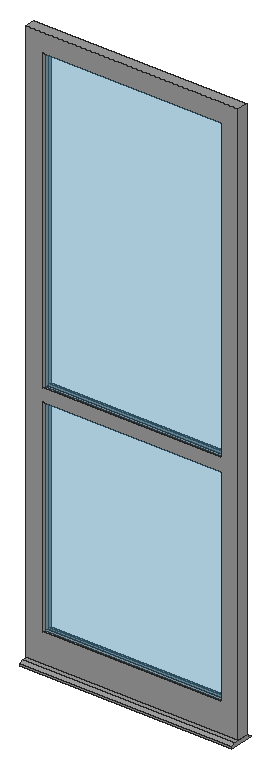
Revit family "NS-212 DOOR-1-PD-SF_v05", category Curtain Panels, Revit 2015
Parameters
  Width [instance] = 3' - 2"
  URL = "obe.com"
  Rough Width [instance] = 3' - 0"
  Panel Width [instance] = [Min-Max Rough Width]  # 3' - 0"
  Offset [instance] = 0' - 0"
  Model = "NS-212 DOOR"
  Min-Max Rough Width [instance] = if(and((Rough Width > 2' 11 255/256"), (Rough Width < 3' 6 1/256")), Rough Width, 3' 0")  # 3' - 0"
  Manufacturer = "Oldcastle BuildingEnvelope®"
  Keynote = "08 11 00"
  Height [instance] = 8' - 0"
  Pushbar Height [instance] = 3' - 5 1/4"  # constant formula
  Glass Material = Glass
  Frame Material = Aluminum
  Door Panel Height [instance] = Height + 0' 0 17/32"  # 8' - 0 17/32"
  Description = "NS-212 - 1\" Door Infill"
  Assembly Code = "B2030"
  Analytic Construction = "<None>"
  8 Muntin [instance] = no
  6.5 Muntin [instance] = no
  6.5 Bottom Rail [instance] = not([4 Bottom Rail])  # no
  4 Muntin [instance] = no
  4 Bottom Rail [instance] = yes
  1.875 Muntin [instance] = no
  0.5 Muntin [instance] = if(or([1.875 Muntin], [4 Muntin], [6.5 Muntin], [8 Muntin]), 1 = 2, 1 = 1)  # yes
Reference planes (in)
  plane 1 "Front": y = 0
  plane 2: z = 0
  plane 3 "Center (Left/Right)": x = 0
  plane 4 "Left": x = -19
  plane 5 "Right": x = 19
  plane 6 "Top": z = 96
  plane 7: x = -18
  plane 8: x = 18
Text (in)
  text "Exterior" at (-54.29358, 31.38743, 0), in view "Ref. Level"
  text "Exterior" at (480, 41.53993, 89.60405), in view "Right"
  text "Exterior" at (-240, 57.82419, 105.78864), in view "Left"
Dimensions and locks (in)
  equal spacing: plane 4 "Left", plane 3 "Center (Left/Right)", plane 5 "Right"
  "Width": plane 4 "Left" to plane 5 "Right"
  "Height": plane 6 "Top" to plane 2
  equal spacing: plane 7, plane 3 "Center (Left/Right)", plane 8
  "Min-Max Rough Width": plane 7 to plane 8
  aligned and locked: level to plane 2
  aligned and locked: plane 3 "Center (Left/Right)" to nested 1
  aligned and locked: plane 1 "Front" to nested 1
Nested families (in)
  nested 1: "NS-212 DOOR-1-PD-Panel_v04" at (0, -14, 0), 1.875 Muntin <- "1.875 Muntin", 4 Muntin <- "4 Muntin", 6.5 Muntin <- "6.5 Muntin", 8 Muntin <- "8 Muntin", 4 Bottom Rail <- "4 Bottom Rail", Frame Material <- "Frame Material", Glass Material <- "Glass Material", Height <- "Door Panel Height", Width <- "Min-Max Rough Width", Offset <- "Offset", type "NS-212 DOOR-1-PD-Panel_v04"
    with built-in parameter 1001301 3' - 0", Pushbar Height 3' - 5 1/4", Offset 0' - 0", built-in parameter 1001300 8' - 0 17/32", Glass at Muntin 0' - 1 7/16", Glass Material Glass, Frame Material Aluminum, Bottom Rail 0' - 5 5/32", 8 Muntin no, 6.5 Muntin no, 6.5 Bottom Rail no, 4 Muntin no, 4 Bottom Rail yes, 1.875 Muntin no, 0.5 Muntin yes
Definition of nested family "NS-212 DOOR-1-PD-Panel_v04"
  Parameters (values of type "NS-212 DOOR-1-PD-Panel_v04")
    Width [instance] = 3' - 6"
    Offset [instance] = 0' - 6"
    Height [instance] = 8' - 0"
    Glass at Muntin [instance] = if([8 Muntin], 0' 8 15/16", if([6.5 Muntin], 0' 7 7/16", if([4 Muntin], 0' 4 15/16", if([1.875 Muntin], 0' 2 13/16", 0' 1 7/16"))))  # 0' - 1 7/16"
    Pushbar Height [instance] = 3' - 5 1/4"  # constant formula
    Glass Material [instance] = none
    Frame Material [instance] = none
    Bottom Rail [instance] = if([4 Bottom Rail], 0' 5 5/32", 0' 7 21/32")  # 0' - 7 21/32"
    Analytic Construction = "<None>"
    8 Muntin [instance] = no
    6.5 Muntin [instance] = no
    4 Muntin [instance] = no
    4 Bottom Rail [instance] = no
    6.5 Bottom Rail [instance] = not([4 Bottom Rail])  # yes
    1.875 Muntin [instance] = no
    0.5 Muntin [instance] = if(or([1.875 Muntin], [4 Muntin], [6.5 Muntin], [8 Muntin]), 1 = 2, 1 = 1)  # yes
  Reference planes (in)
    plane 1 "00": y = 7
    plane 2: z = 0
    plane 3 "Center (Left/Right)": x = 0
    plane 4: z = 96
    plane 5: x = 21
    plane 6: x = -21
    plane 7 "Center (Front/Back)": y = 14
    plane 8: z = 48
    plane 9: z = 92.96875
    plane 10: z = 92.625
    plane 11: z = 7.65625
    plane 12: z = 40.53125
    plane 13: z = 41.96875
    plane 14: x = -18.34375
    plane 15: x = 18.34375
    plane 16: z = 41.25
    plane 17 "Offset": y = 8
    plane 18 "01": y = 7.875
  Forms (in)
    Sweep 1, solid, material <- "Frame Material"
      path origin (0, 7, 0) x (1, 0, 0) y (0, 0, 1)
        loop
          line (-20.8285, 96) -> (20.8285, 96)
      profile origin (0, 7, 96) x (0, 0, 1) y (0, -1, 0)
        loop
          line (-0.53125, -0.875) -> (-0.53125, 0.875) -> (-2.12093, 0.875) -> (-3.65625, 0.875) -> (-3.65625, 0.5) -> (-3.375, 0.5) -> (-3.375, -0.5) -> (-3.65625, -0.5) -> (-3.65625, -0.875) -> (-2.12093, -0.875) -> (-0.53125, -0.875)
    Sweep 2, solid, material <- "Frame Material"
      path origin (0, 7, 0) x (1, 0, 0) y (0, 0, 1)
        loop
          line (20.82813, 0) -> (-20.82812, 0)
      profile origin (0, 7, 0) x (0, 0, -1) y (0, -1, 0)
        loop
          line (-7.9375, -0.5) -> (-7.9375, -0.875) -> (-0.6875, -0.875) -> (-0.6875, 0.875) -> (-7.9375, 0.875) -> (-7.9375, 0.5) -> (-7.65625, 0.5) -> (-7.65625, -0.5) -> (-7.9375, -0.5)
        loop
          line (-0.5, 1.5305) -> (-0.5, -1.1555) -> (-0.19364, -1.8125) -> (-0.00001, -1.8125) -> (-0.00001, 2.1875) -> (-0.19364, 2.1875) -> (-0.5, 1.5305)
    Sweep 3, solid, material <- "Frame Material"
      path origin (0, 7, 0) x (1, 0, 0) y (0, 0, 1)
        loop
          line (21, 95.46875) -> (21, 0.6875)
      profile origin (21, 7, 48.07812) x (0, -1, 0) y (1, 0, 0)
        loop
          line (0.875, -0.1715) -> (-0.875, -0.0625) -> (-0.875, -2.03839) -> (-0.875, -2.9375) -> (-0.5, -2.9375) -> (-0.5, -2.65625) -> (0.5, -2.65625) -> (0.5, -2.9375) -> (0.875, -2.9375) -> (0.875, -2.03839) -> (0.875, -0.1715)
    Sweep 4, solid, material <- "Frame Material"
      path origin (0, 7, 0) x (1, 0, 0) y (0, 0, 1)
        loop
          line (-21, 95.46875) -> (-21, 0.6875)
      profile origin (-21, 7, 48.07812) x (0, -1, 0) y (1, 0, 0)
        loop
          line (-0.875, 0.0625) -> (0.875, 0.1715) -> (0.875, 1.95385) -> (0.875, 2.9375) -> (0.5, 2.9375) -> (0.5, 2.65625) -> (-0.5, 2.65625) -> (-0.5, 2.9375) -> (-0.875, 2.9375) -> (-0.875, 1.95385) -> (-0.875, 0.0625)
    Sweep 5, solid, material <- "Frame Material"
      path origin (0, 7, 0) x (1, 0, 0) y (0, 0, 1)
        loop
          line (20.8285, 48) -> (-20.8285, 48)
      profile origin (0, 7, 48) x (0, 0, -1) y (0, -1, 0)
        loop
          line (7.75, 0.875) -> (5.75, 0.875) -> (5.75, 0.5) -> (6.03125, 0.5) -> (6.03125, -0.5) -> (5.75, -0.5) -> (5.75, -0.875) -> (7.75, -0.875) -> (7.75, -0.5) -> (7.46875, -0.5) -> (7.46875, 0.5) -> (7.75, 0.5) -> (7.75, 0.875)
    Extrusion 6, solid, material <- "Glass Material", detail levels coarse
      sketch origin (0, 0, 0) x (1, 0, 0) y (0, 1, 0)
        loop
          line (-18.34375, 7.5) -> (-18.34375, 6.5) -> (18.34375, 6.5) -> (18.34375, 7.5) -> (-18.34375, 7.5)
      from 41.96875 to 92.625
    Extrusion 7, solid, material <- "Glass Material", detail levels coarse
      sketch origin (0, 0, 0) x (1, 0, 0) y (0, 1, 0)
        loop
          line (-18.34375, 7.5) -> (-18.34375, 6.5) -> (18.34375, 6.5) -> (18.34375, 7.5) -> (-18.34375, 7.5)
      from 7.65625 to 40.53125
    Extrusion 8, solid, material <- "Glass Material", detail levels medium+fine
      sketch origin (0, 2.8125, 0) x (1, 0, 0) y (0, 1, 0)
        loop
          line (-18.34375, 3.6875) -> (18.34375, 3.6875) -> (18.34375, 3.9375) -> (-18.34375, 3.9375) -> (-18.34375, 3.6875)
        loop
          line (-18.34375, 4.6875) -> (-18.34375, 4.4375) -> (18.34375, 4.4375) -> (18.34375, 4.6875) -> (-18.34375, 4.6875)
      from 41.96875 to 92.625
    Extrusion 9, solid, material <- "Glass Material", detail levels medium+fine
      sketch origin (0, 0, 0) x (1, 0, 0) y (0, 1, 0)
        loop
          line (-18.34375, 6.5) -> (18.34375, 6.5) -> (18.34375, 6.75) -> (-18.34375, 6.75) -> (-18.34375, 6.5)
        loop
          line (-18.34375, 7.25) -> (18.34375, 7.25) -> (18.34375, 7.5) -> (-18.34375, 7.5) -> (-18.34375, 7.25)
      from 7.65625 to 40.53125
  Cuts and joins
    joined: Sweep 1, Sweep 2, Sweep 3, Sweep 4, Sweep 5
  Lines and regions (in)
    model lines
      curve 1: line (18.34375, 7.875, 92.625) -> (-18.34375, 7.875, 48)
      curve 2: line (-18.34375, 7.875, 48) -> (18.0625, 7.875, 7.9375)
  Dimensions and locks (in)
    "Width": plane 6 to plane 5
    equal spacing: level, plane 8, plane 4
    locked: Sweep 2 sketch curve to plane 6 at 0.17187
    locked: plane 5 to Sweep 2 sketch curve at 0.17188
    locked: Sweep 3 sketch curve to plane 4 at 0.53125
    locked: Sweep 4 sketch curve to plane 4 at 0.53125
    locked: Sweep 1 sketch curve to plane 6 at 0.1715
    locked: plane 5 to Sweep 1 sketch curve at 0.1715
    locked: plane 5 to Sweep 5 sketch curve at 0.1715
    locked: Sweep 5 sketch curve to plane 6 at 0.1715
    locked: plane 4 to plane 9 at 3.03125
    Extrusion 6 sketch curve to plane 1 "00" to Extrusion 6 sketch curve = 0' - 0 1/2" locked, 0' - 0 1/2" locked
    Extrusion 7 sketch curve to plane 1 "00" to Extrusion 7 sketch curve = 0' - 0 1/2" locked, 0' - 0 1/2" locked
    "Glass at Muntin": plane 12 to plane 13
    locked: plane 10 to plane 4 at 3.375
    "Bottom Rail": plane 11 to plane 2
    "Height": plane 4 to plane 2
    locked: Sweep 1 sketch curve to plane 10 at 0.28125  (x2)
    locked: plane 13 to Sweep 5 sketch curve at 0.28125  (x2)
    locked: Sweep 5 sketch curve to plane 12 at 0.28125  (x2)
    locked: plane 11 to Sweep 2 sketch curve at 0.28125  (x2)
    equal spacing: plane 6, plane 3 "Center (Left/Right)", plane 5
    locked: plane 6 to plane 14 at 2.65625
    locked: plane 15 to plane 5 at 2.65625
    Extrusion 8 sketch curve to Extrusion 8 sketch curve to plane 1 "00" to Extrusion 8 sketch curve to Extrusion 8 sketch curve = 0' - 0 1/4" locked, 0' - 0 1/4" locked, 0' - 0 1/4" locked, 0' - 0 1/4" locked
    equal spacing: plane 12, plane 16, plane 13
    "Pushbar Height": plane 2 to plane 16
    locked: Sweep 4 sketch curve to plane 2 at 0.6875
    locked: Sweep 3 sketch curve to plane 2 at 0.6875
    locked: cut or joined group of Sweep 1, Sweep 2, Sweep 3, Sweep 4, Sweep 5 to plane 1 "00" at 2.1875
    cut or joined group of Sweep 1, Sweep 2, Sweep 3, Sweep 4, Sweep 5 to plane 1 "00" to cut or joined group of Sweep 1, Sweep 2, Sweep 3, Sweep 4, Sweep 5 = 0' - 0 7/8" locked, 0' - 0 7/8" locked
    locked: plane 1 "00" to nested 2 at 0.0625
    plane 7 "Center (Front/Back)" to nested 1 = 0' - 7"
    "Offset": plane 17 "Offset" to plane 7 "Center (Front/Back)"
    locked: plane 1 "00" to plane 17 "Offset" at 1
    Extrusion 7 to plane 1 "00" to Extrusion 7 = 0' - 0 1/2" locked, 0' - 0 1/2" locked
    Extrusion 6 to plane 1 "00" to Extrusion 6 = 0' - 0 1/2" locked, 0' - 0 1/2" locked
    Extrusion 9 to Extrusion 9 = 0' - 0 1/4"
    Extrusion 9 sketch curve to Extrusion 9 sketch curve to plane 1 "00" to Extrusion 9 sketch curve to Extrusion 9 sketch curve = 0' - 0 1/4" locked, 0' - 0 1/4" locked, 0' - 0 1/4" locked, 0' - 0 1/4" locked
    locked: plane 1 "00" to plane 18 "01" at 0.875
    aligned and locked: plane 2 to level
    aligned and locked: Sweep 1 sketch curve to plane 4
    aligned and locked: level to nested 1
    aligned and locked: nested 1 to plane 1 "00"
    aligned and locked: plane 5 to Sweep 3 sketch curve
    aligned and locked: plane 6 to Sweep 4 sketch curve
    aligned and locked: Sweep 5 sketch curve to plane 8
    aligned and locked: Extrusion 6 to plane 10
    aligned and locked: plane 13 to Extrusion 6
    aligned and locked: Extrusion 7 to plane 12
    aligned and locked: plane 11 to Extrusion 7
    aligned and locked: plane 11 to Sweep 2 sketch curve
    aligned and locked: Sweep 5 sketch curve to plane 12
    aligned and locked: plane 13 to Sweep 5 sketch curve
    aligned and locked: plane 8 to curve 1
    aligned and locked: plane 15 to Extrusion 7
    aligned and locked: Extrusion 6 to plane 14
    aligned and locked: plane 15 to Extrusion 6
    aligned and locked: nested 2 to plane 3 "Center (Left/Right)"
    aligned and locked: Extrusion 7 to plane 14
    aligned and locked: Extrusion 8 to plane 14  (x2)
    aligned and locked: plane 15 to Extrusion 8  (x2)
    aligned and locked: plane 13 to Extrusion 8
    aligned and locked: Extrusion 8 to plane 10
    aligned and locked: Sweep 2 sketch curve to plane 2
    aligned and locked: Extrusion 8 to cut or joined group of Sweep 1, Sweep 2, Sweep 3, Sweep 4, Sweep 5
    aligned and locked: Extrusion 6 to curve 1
    aligned and locked: curve 1 to Extrusion 6
    aligned and locked: plane 14 to Extrusion 9 sketch curve  (x2)
    aligned and locked: Extrusion 9 sketch curve to plane 15  (x2)
    aligned and locked: Extrusion 9 to plane 12
    aligned and locked: plane 11 to Extrusion 9
  Automatic sketch dimensions
    Sweep 1 sketch curve to Sweep 1 sketch curve = 0' - 0 9/32"
    Sweep 1 sketch curve to Sweep 1 sketch curve = 0' - 1.25407"  (x2)
    profile plane to Sweep 1 sketch curve = 0' - 0 17/32"
    Sweep 1 sketch curve to plane 1 "00" = 0' - 0 7/8"
    Sweep 1 sketch curve to Sweep 1 sketch curve = 0' - 0 3/8"  (x2)
    plane 1 "00" to Sweep 1 sketch curve = 0' - 0 1/2"
    profile plane to Sweep 2 sketch curve = 0' - 0 11/16"
    profile plane to Sweep 2 sketch curve = 0' - 0 1/2"
    profile plane to Sweep 2 sketch curve = 0' - 0.19364"  (x2)
    profile plane to Sweep 2 sketch curve = 0' - 0"
    Sweep 2 sketch curve to plane 1 "00" = 0' - 1 13/16"
    Sweep 2 sketch curve to Sweep 2 sketch curve = 0' - 0.657"  (x2)
    Sweep 2 sketch curve to Sweep 2 sketch curve = 0' - 0.2805"
    Sweep 2 sketch curve to Sweep 2 sketch curve = 0' - 0 3/8"  (x2)
    plane 1 "00" to Sweep 2 sketch curve = 0' - 0 1/2"
    Sweep 2 sketch curve to Sweep 2 sketch curve = 0' - 0.6555"
    Sweep 3 sketch curve to plane 1 "00" = 0' - 0 7/8"
    Sweep 3 sketch curve to Sweep 3 sketch curve = 0' - 0 3/8"  (x2)
    plane 1 "00" to Sweep 3 sketch curve = 0' - 0 1/2"
    profile plane to Sweep 3 sketch curve = 0' - 2 15/16"
    Sweep 3 sketch curve to Sweep 3 sketch curve = 0' - 0"
    Sweep 3 sketch curve to Sweep 3 sketch curve = 0' - 0 9/32"
    Sweep 3 sketch curve to Sweep 3 sketch curve = 0' - 0.61786"  (x2)
    profile plane to Sweep 3 sketch curve = 0' - 0.1715"
    profile plane to Sweep 3 sketch curve = 0' - 0 1/16"
    Sweep 4 sketch curve to plane 1 "00" = 0' - 0 7/8"
    Sweep 4 sketch curve to Sweep 4 sketch curve = 0' - 0 3/8"  (x2)
    plane 1 "00" to Sweep 4 sketch curve = 0' - 0 1/2"
    Sweep 4 sketch curve to profile plane = 0' - 0 1/16"
    Sweep 4 sketch curve to profile plane = 0' - 0.1715"
    Sweep 4 sketch curve to Sweep 4 sketch curve = 0' - 1.89135"
    Sweep 4 sketch curve to Sweep 4 sketch curve = 0' - 0"
    Sweep 4 sketch curve to Sweep 4 sketch curve = 0' - 0.7024"
    Sweep 4 sketch curve to Sweep 4 sketch curve = 0' - 0 9/32"  (x2)
    Sweep 5 sketch curve to plane 1 "00" = 0' - 0 7/8"
    Sweep 5 sketch curve to Sweep 5 sketch curve = 0' - 0 3/8"  (x3)
    plane 1 "00" to Sweep 5 sketch curve = 0' - 0 1/2"  (x2)
    Extrusion 6 sketch curve to plane 14 = 0' - 0"
    Extrusion 6 sketch curve to plane 15 = 0' - 0"
    Extrusion 7 sketch curve to plane 14 = 0' - 0"
    Extrusion 7 sketch curve to plane 15 = 0' - 0"
    Extrusion 8 sketch curve to plane 14 = 0' - 0"  (x2)
    Extrusion 8 sketch curve to plane 15 = 0' - 0"  (x2)
    curve 1 to plane 14 = 0' - 0"
    curve 1 to plane 10 = 0' - 0"
    curve 1 to plane 15 = 0' - 0"
    curve 2 to plane 15 = 0' - 0 9/32"
    curve 2 to plane 11 = 0' - 0 9/32"
  Nested families (in)
    nested 1: "NS-212 PIVOT DOOR-1-Section_v02" at (0, 7, 0) x (0, -1, 0) z (1, 0, 0), Height <- "Height", 0.5 Muntin <- "0.5 Muntin", 1.875 Muntin <- "1.875 Muntin", 4 Muntin <- "4 Muntin", 6.5 Muntin <- "6.5 Muntin", 8 Muntin <- "8 Muntin", 4 Bottom Rail <- "4 Bottom Rail", type "NS-212 PIVOT DOOR-1-Section_v02"
      with Pushbar Height 3' - 5 1/4", Height 8' - 0", Glass at Muntins 0' - 1 7/16", Bottom Rail 0' - 7 21/32", 8 Muntin no, 6.5 Muntin no, 6.5 Bottom Rail yes, 4 Muntin no, 4 Bottom Rail no, 1.875 Muntin no, 0.5 Muntin yes
    nested 2: "NS-212 PIVOT DOOR-1-Plan View_v02" at (0, 7.0625, 0) x (-1, 0, 0) z (0, 0, 1), Width <- "Width", type "NS-212 PIVOT DOOR-1-Plan View_v02"
      with Width 3' - 6"
  Definition of nested family "NS-212 PIVOT DOOR-1-Section_v02"
    Parameters (values of type "NS-212 PIVOT DOOR-1-Section_v02")
      Height [instance] = 8' - 0"
      Pushbar Height [instance] = 3' - 5 1/4"  # constant formula
      Glass at Muntins [instance] = if([8 Muntin], 0' 8 15/16", if([6.5 Muntin], 0' 7 7/16", if([4 Muntin], 0' 4 15/16", if([1.875 Muntin], 0' 2 13/16", 0' 1 7/16"))))  # 0' - 1 7/16"
      Bottom Rail [instance] = if([6.5 Bottom Rail], 0' 7 21/32", 0' 5 5/32")  # 0' - 7 21/32"
      8 Muntin [instance] = no
      6.5 Muntin [instance] = no
      6.5 Bottom Rail [instance] = not([4 Bottom Rail])  # yes
      4 Muntin [instance] = no
      4 Bottom Rail [instance] = no
      1.875 Muntin [instance] = no
      0.5 Muntin [instance] = if(or([1.875 Muntin], [4 Muntin], [6.5 Muntin], [8 Muntin]), 1 = 2, 1 = 1)  # yes
    Reference planes (in)
      plane 1 "Center (Front/Back)": y = 0
      plane 2: z = 0
      plane 3 "Center (Left/Right)": x = 0
      plane 4: y = 7.65625
      plane 5: y = 92.625
      plane 6: y = 96
      plane 7: y = 41.96875
      plane 8: y = 40.53125
      plane 9: y = 42.25
      plane 10: y = 41.25
      plane 11: y = 46
      plane 12: y = 45.25
      plane 13: y = 44
      plane 14: y = 42.9325
    Lines and regions (in)
      detail lines, in view "Ref. Level"
        curve 1: line (-0.5, 92.625, 0) -> (-0.5, 41.96875, 0)
        curve 5: line (0.5, 92.625, 0) -> (0.5, 41.96875, 0)
        curve 6: line (0.5, 40.53125, 0) -> (0.5, 7.65625, 0)
        curve 10: line (-0.5, 40.53125, 0) -> (-0.5, 7.65625, 0)
      detail lines, in view "Ref. Level", detail levels fine
        curve 2: line (-0.438, 92.625, 0) -> (-0.438, 41.96875, 0)
        curve 3: line (-0.376, 92.625, 0) -> (-0.376, 41.96875, 0)
        curve 4: line (-0.314, 92.625, 0) -> (-0.314, 41.96875, 0)
        curve 7: line (-0.314, 40.53125, 0) -> (-0.314, 7.65625, 0)
        curve 8: line (-0.376, 40.53125, 0) -> (-0.376, 7.65625, 0)
        curve 9: line (-0.438, 40.53125, 0) -> (-0.438, 7.65625, 0)
        curve 11: line (0.438, 40.53125, 0) -> (0.438, 7.65625, 0)
        curve 12: line (0.376, 40.53125, 0) -> (0.376, 7.65625, 0)
        curve 13: line (0.314, 40.53125, 0) -> (0.314, 7.65625, 0)
        curve 14: line (0.314, 92.625, 0) -> (0.314, 41.96875, 0)
        curve 15: line (0.376, 92.625, 0) -> (0.376, 41.96875, 0)
        curve 16: line (0.438, 92.625, 0) -> (0.438, 41.96875, 0)
      detail lines, in view "Ref. Level", detail levels medium+fine
        curve 17: line (-0.252, 41.96875, 0) -> (-0.252, 92.625, 0)
        curve 18: line (0.252, 41.96875, 0) -> (0.252, 92.625, 0)
        curve 19: line (-0.252, 40.53125, 0) -> (-0.252, 7.65625, 0)
        curve 20: line (0.252, 40.53125, 0) -> (0.252, 7.65625, 0)
    Dimensions and locks (in)
      "Height": plane 6 to plane 1 "Center (Front/Back)"
      "Glass at Muntins": plane 8 to plane 7
      "Bottom Rail": plane 1 "Center (Front/Back)" to plane 4
      nested 1 to plane 6 to plane 5 = 0' - 2 31/32" locked, 0' - 3 3/8" locked
      equal spacing: plane 8, plane 10, plane 7
      "Pushbar Height": plane 1 "Center (Front/Back)" to plane 10
      plane 10 to plane 9 to plane 14 to plane 13 to plane 12 to plane 11 = 0' - 1" locked, 0' - 0.6825" locked, 0' - 1.0675" locked, 0' - 1 1/4" locked, 0' - 0 3/4" locked
      aligned and locked: plane 3 "Center (Left/Right)" to nested 1
      aligned and locked: plane 3 "Center (Left/Right)" to nested 2
      aligned and locked: plane 7 to curve 1
      aligned and locked: plane 7 to curve 2
      aligned and locked: plane 7 to curve 3
      aligned and locked: plane 7 to curve 4
      aligned and locked: plane 7 to curve 5
      aligned and locked: plane 8 to curve 6
      aligned and locked: plane 8 to curve 7
      aligned and locked: plane 8 to curve 8
      aligned and locked: plane 8 to curve 9
      aligned and locked: plane 8 to curve 10
      aligned and locked: plane 3 "Center (Left/Right)" to nested 3
      aligned and locked: plane 3 "Center (Left/Right)" to nested 4
      aligned and locked: plane 3 "Center (Left/Right)" to nested 5
      aligned and locked: plane 3 "Center (Left/Right)" to nested 6
      aligned and locked: plane 3 "Center (Left/Right)" to nested 8
      aligned and locked: plane 5 to curve 16
      aligned and locked: plane 7 to curve 17
      aligned and locked: plane 7 to curve 18
      aligned and locked: plane 7 to curve 14
      aligned and locked: plane 7 to curve 15
      aligned and locked: plane 7 to curve 16
      aligned and locked: plane 8 to curve 13
      aligned and locked: plane 8 to curve 12
      aligned and locked: plane 8 to curve 11
      aligned and locked: plane 8 to curve 20
      aligned and locked: plane 8 to curve 19
      aligned and locked: plane 3 "Center (Left/Right)" to nested 7
      aligned and locked: plane 4 to curve 10
      aligned and locked: plane 4 to curve 9
      aligned and locked: plane 4 to curve 8
      aligned and locked: plane 4 to curve 7
      aligned and locked: plane 4 to curve 20
      aligned and locked: plane 4 to curve 13
      aligned and locked: plane 4 to curve 12
      aligned and locked: plane 4 to curve 11
      aligned and locked: plane 4 to curve 6
      aligned and locked: plane 5 to curve 5
      aligned and locked: plane 5 to curve 14
      aligned and locked: plane 5 to curve 15
      aligned and locked: plane 5 to curve 18
      aligned and locked: plane 5 to curve 17
      aligned and locked: plane 5 to curve 4
      aligned and locked: plane 5 to curve 3
      aligned and locked: plane 5 to curve 1
      aligned and locked: plane 5 to curve 2
      aligned and locked: plane 1 "Center (Front/Back)" to nested 7
      aligned and locked: plane 1 "Center (Front/Back)" to nested 8
      aligned and locked: plane 9 to nested 2
      aligned and locked: plane 11 to nested 6
      aligned and locked: plane 12 to nested 5
      aligned and locked: plane 13 to nested 4
      aligned and locked: plane 14 to nested 3
    Automatic sketch dimensions
      curve 19 to plane 4 = 0' - 0"
      curve 16 to plane 5 = 0' - 0"
      curve 1 to plane 3 "Center (Left/Right)" = 0' - 0 1/2"
      curve 10 to plane 3 "Center (Left/Right)" = 0' - 0 1/2"
      curve 1 to curve 2 = 0' - 0.062"
      curve 10 to curve 9 = 0' - 0.062"
      curve 9 to curve 8 = 0' - 0.062"
      curve 2 to curve 3 = 0' - 0.062"
      curve 8 to curve 7 = 0' - 0.062"
      curve 3 to curve 4 = 0' - 0.062"
      curve 8 to curve 19 = 0' - 0.124"
      curve 4 to curve 17 = 0' - 0.062"
      plane 3 "Center (Left/Right)" to curve 18 = 0' - 0.252"
      plane 3 "Center (Left/Right)" to curve 20 = 0' - 0.252"
      curve 20 to curve 13 = 0' - 0.062"
      curve 18 to curve 14 = 0' - 0.062"
      curve 14 to curve 15 = 0' - 0.062"
      curve 13 to curve 12 = 0' - 0.062"
      curve 15 to curve 16 = 0' - 0.062"
      curve 12 to curve 11 = 0' - 0.062"
      curve 16 to curve 5 = 0' - 0.062"
      curve 11 to curve 6 = 0' - 0.062"
    Nested families (in)
      nested 1: "TOP RAIL-DI" at (0, 98.96875, 0), type "TOP RAIL-DI", in view "Ref. Level"
      nested 2: "0.5 MUNTIN-DI" at (0, 42.25, 0), visible <- "0.5 Muntin", type "0.5 MUNTIN-DI", in view "Ref. Level"
      nested 3: "1.875 MUNTIN-DI" at (0, 42.9325, 0), visible <- "1.875 Muntin", type "1.875 MUNTIN-DI", in view "Ref. Level"
      nested 4: "4 MUNTIN-DI" at (0, 44, 0), visible <- "4 Muntin", type "4 MUNTIN-DI", in view "Ref. Level"
      nested 5: "6.5 MUNTIN-DI" at (0, 45.25, 0), visible <- "6.5 Muntin", type "6.5 MUNTIN-DI", in view "Ref. Level"
      nested 6: "8 MUNTIN-DI" at (0, 46, 0), visible <- "8 Muntin", type "8 MUNTIN-DI", in view "Ref. Level"
      nested 7: "6.5 BOT RAIL-DI" at (0, 7.9375, 0), visible <- "6.5 Bottom Rail", type "10 BOT RAIL-DI", in view "Ref. Level"
      nested 8: "4 BOT RAIL-DI" at (0, 5.4375, 0), visible <- "4 Bottom Rail", type "8 BOT RAIL-DI", in view "Ref. Level"
    Definition of nested family "TOP RAIL-DI"
      Reference planes (in)
        plane 1 "Center (Front/Back)": y = 0
        plane 2: z = 0
        plane 3 "Center (Left/Right)": x = 0
      Lines and regions (in)
        detail lines, in view "Ref. Level"
          curve 1: line (0.875, -6.625, 0) -> (0.875, -3.625, 0)
          curve 2: line (0.875, -3.625, 0) -> (-0.875, -3.625, 0)
          curve 3: line (-0.875, -3.625, 0) -> (-0.875, -6.625, 0)
          curve 4: line (-0.875, -6.625, 0) -> (-0.5, -6.625, 0)
          curve 5: line (-0.5, -6.625, 0) -> (-0.5, -6.34375, 0)
          curve 6: line (-0.5, -6.34375, 0) -> (0.5, -6.34375, 0)
          curve 7: line (0.5, -6.34375, 0) -> (0.5, -6.625, 0)
          curve 8: line (0.5, -6.625, 0) -> (0.875, -6.625, 0)
    Definition of nested family "0.5 MUNTIN-DI"
      Reference planes (in)
        plane 1 "Center (Front/Back)": y = 0
        plane 2: z = 0
        plane 3 "Center (Left/Right)": x = 0
    Definition of nested family "1.875 MUNTIN-DI"
      Reference planes (in)
        plane 1 "Center (Front/Back)": y = 0
        plane 2: z = 0
        plane 3 "Center (Left/Right)": x = 0
      Lines and regions (in)
        detail lines, in view "Ref. Level"
          curve 1: line (-0.875, 0, 0) -> (-0.5, 0, 0)
          curve 2: line (-0.5, 0, 0) -> (-0.5, -0.28125, 0)
          curve 3: line (-0.5, -0.28125, 0) -> (0.5, -0.28125, 0)
          curve 4: line (0.5, -0.28125, 0) -> (0.5, 0, 0)
          curve 5: line (0.5, 0, 0) -> (0.875, 0, 0)
          curve 6: line (0.875, 0, 0) -> (0.875, -3.365, 0)
          curve 7: line (0.875, -3.365, 0) -> (0.5, -3.365, 0)
          curve 8: line (0.5, -3.365, 0) -> (0.5, -3.08375, 0)
          curve 9: line (0.5, -3.08375, 0) -> (-0.5, -3.08375, 0)
          curve 10: line (-0.5, -3.08375, 0) -> (-0.5, -3.365, 0)
          curve 11: line (-0.5, -3.365, 0) -> (-0.875, -3.365, 0)
          curve 12: line (-0.875, -3.365, 0) -> (-0.875, 0, 0)
    Definition of nested family "4 MUNTIN-DI"
      Reference planes (in)
        plane 1 "Center (Front/Back)": y = 0
        plane 2: z = 0
        plane 3 "Center (Left/Right)": x = 0
      Lines and regions (in)
        detail lines, in view "Ref. Level"
          curve 1: line (-0.875, 0, 0) -> (-0.875, -5.5, 0)
          curve 2: line (-0.875, -5.5, 0) -> (-0.5, -5.5, 0)
          curve 3: line (-0.5, -5.5, 0) -> (-0.5, -5.21875, 0)
          curve 4: line (-0.5, -5.21875, 0) -> (0.5, -5.21875, 0)
          curve 5: line (0.5, -5.21875, 0) -> (0.5, -5.5, 0)
          curve 6: line (0.5, -5.5, 0) -> (0.875, -5.5, 0)
          curve 7: line (0.875, -5.5, 0) -> (0.875, 0, 0)
          curve 8: line (0.875, 0, 0) -> (0.5, 0, 0)
          curve 9: line (0.5, 0, 0) -> (0.5, -0.28125, 0)
          curve 10: line (0.5, -0.28125, 0) -> (-0.5, -0.28125, 0)
          curve 11: line (-0.5, -0.28125, 0) -> (-0.5, 0, 0)
          curve 12: line (-0.5, 0, 0) -> (-0.875, 0, 0)
    Definition of nested family "6.5 MUNTIN-DI"
      Reference planes (in)
        plane 1 "Center (Front/Back)": y = 0
        plane 2: z = 0
        plane 3 "Center (Left/Right)": x = 0
      Lines and regions (in)
        detail lines, in view "Ref. Level"
          curve 1: line (-0.875, 0, 0) -> (-0.5, 0, 0)
          curve 2: line (-0.5, 0, 0) -> (-0.5, -0.28125, 0)
          curve 3: line (-0.5, -0.28125, 0) -> (0.5, -0.28125, 0)
          curve 4: line (0.5, -0.28125, 0) -> (0.5, 0, 0)
          curve 5: line (0.5, 0, 0) -> (0.875, 0, 0)
          curve 6: line (0.875, 0, 0) -> (0.875, -8, 0)
          curve 7: line (0.875, -8, 0) -> (0.5, -8, 0)
          curve 8: line (0.5, -8, 0) -> (0.5, -7.71875, 0)
          curve 9: line (0.5, -7.71875, 0) -> (-0.5, -7.71875, 0)
          curve 10: line (-0.5, -7.71875, 0) -> (-0.5, -8, 0)
          curve 11: line (-0.5, -8, 0) -> (-0.875, -8, 0)
          curve 12: line (-0.875, -8, 0) -> (-0.875, 0, 0)
    Definition of nested family "8 MUNTIN-DI"
      Reference planes (in)
        plane 1 "Center (Front/Back)": y = 0
        plane 2: z = 0
        plane 3 "Center (Left/Right)": x = 0
      Lines and regions (in)
        detail lines, in view "Ref. Level"
          curve 1: line (-0.875, 0, 0) -> (-0.5, 0, 0)
          curve 2: line (-0.5, 0, 0) -> (-0.5, -0.28125, 0)
          curve 3: line (-0.5, -0.28125, 0) -> (0.5, -0.28125, 0)
          curve 4: line (0.5, -0.28125, 0) -> (0.5, 0, 0)
          curve 5: line (0.5, 0, 0) -> (0.875, 0, 0)
          curve 6: line (0.875, 0, 0) -> (0.875, -9.5, 0)
          curve 7: line (0.875, -9.5, 0) -> (0.5, -9.5, 0)
          curve 8: line (0.5, -9.5, 0) -> (0.5, -9.21875, 0)
          curve 9: line (0.5, -9.21875, 0) -> (-0.5, -9.21875, 0)
          curve 10: line (-0.5, -9.21875, 0) -> (-0.5, -9.5, 0)
          curve 11: line (-0.5, -9.5, 0) -> (-0.875, -9.5, 0)
          curve 12: line (-0.875, -9.5, 0) -> (-0.875, 0, 0)
    Definition of nested family "6.5 BOT RAIL-DI"
      Reference planes (in)
        plane 1 "Center (Front/Back)": y = 0
        plane 2: z = 0
        plane 3 "Center (Left/Right)": x = 0
      Lines and regions (in)
        detail lines, in view "Ref. Level"
          curve 1: line (-0.875, -7.25, 0) -> (0.875, -7.25, 0)
          curve 2: line (0.875, -7.25, 0) -> (0.875, 0, 0)
          curve 3: line (0.875, 0, 0) -> (0.5, 0, 0)
          curve 4: line (0.5, 0, 0) -> (0.5, -0.28125, 0)
          curve 5: line (0.5, -0.28125, 0) -> (-0.5, -0.28125, 0)
          curve 6: line (-0.5, -0.28125, 0) -> (-0.5, 0, 0)
          curve 7: line (-0.5, 0, 0) -> (-0.875, 0, 0)
          curve 8: line (-0.875, 0, 0) -> (-0.875, -7.25, 0)
          curve 9: line (-1.1555, -7.4375, 0) -> (-1.8125, -7.74386, 0)
          curve 10: line (-1.8125, -7.74386, 0) -> (-1.8125, -7.93749, 0)
          curve 11: line (-1.8125, -7.93749, 0) -> (2.1875, -7.93749, 0)
          curve 12: line (2.1875, -7.93749, 0) -> (2.1875, -7.74386, 0)
          curve 13: line (2.1875, -7.74386, 0) -> (1.5305, -7.4375, 0)
          curve 14: line (1.5305, -7.4375, 0) -> (-1.1555, -7.4375, 0)
    Definition of nested family "4 BOT RAIL-DI"
      Reference planes (in)
        plane 1 "Center (Front/Back)": y = 0
        plane 2: z = 0
        plane 3 "Center (Left/Right)": x = 0
      Lines and regions (in)
        detail lines, in view "Ref. Level"
          curve 1: line (0.875, 0, 0) -> (0.5, 0, 0)
          curve 2: line (0.5, 0, 0) -> (0.5, -0.28125, 0)
          curve 3: line (0.5, -0.28125, 0) -> (-0.5, -0.28125, 0)
          curve 4: line (-0.5, -0.28125, 0) -> (-0.5, 0, 0)
          curve 5: line (-0.5, 0, 0) -> (-0.875, 0, 0)
          curve 6: line (-0.875, 0, 0) -> (-0.875, -4.75, 0)
          curve 7: line (1.5305, -4.9375, 0) -> (-1.1555, -4.9375, 0)
          curve 8: line (-1.1555, -4.9375, 0) -> (-1.8125, -5.24386, 0)
          curve 9: line (-1.8125, -5.24386, 0) -> (-1.8125, -5.43749, 0)
          curve 10: line (-1.8125, -5.43749, 0) -> (2.1875, -5.43749, 0)
          curve 11: line (2.1875, -5.43749, 0) -> (2.1875, -5.24386, 0)
          curve 12: line (2.1875, -5.24386, 0) -> (1.5305, -4.9375, 0)
          curve 13: line (0.875, -4.75, 0) -> (0.875, 0, 0)
          curve 14: line (0.875, -4.75, 0) -> (-0.875, -4.75, 0)
  Definition of nested family "NS-212 PIVOT DOOR-1-Plan View_v02"
    Parameters (values of type "NS-212 PIVOT DOOR-1-Plan View_v02")
      Width [instance] = 3' - 0"
    Reference planes (in)
      plane 1 "Center (Front/Back)": y = 0
      plane 2: z = 0
      plane 3 "Center (Left/Right)": x = 0
      plane 4: x = -18
      plane 5: x = 18
      plane 6: x = -16.75
      plane 7: y = 1.31641
      plane 8: y = -37.1875
      plane 9: x = -17.9375
      plane 10: y = -1.1875
    Lines and regions (in)
      detail lines, in view "Ref. Level", not visible
        curve 1: line (-15.03125, 0.5, 0) -> (15.34375, 0.5, 0)
        curve 2: line (-15.03125, -0.5, 0) -> (15.34375, -0.5, 0)
        curve 13: line (-15.03125, -0.252, 0) -> (15.34375, -0.252, 0)
        curve 14: line (-15.03125, 0.252, 0) -> (15.34375, 0.252, 0)
      detail lines, in view "Ref. Level"
        curve 3: line (-17.25, -34.46875, 0) -> (-17.25, -3.78125, 0)
        curve 7: line (-16.25, -34.46875, 0) -> (-16.25, -3.78125, 0)
        curve 15: arc (-17.625, -37.0625, 0) -> (7.65093, -26.33398, 0) -> (17.9375, -0.875, 0) r 35.87636
      detail lines, in view "Ref. Level", detail levels fine
        curve 4: line (-17.188, -34.46875, 0) -> (-17.188, -3.78125, 0)
        curve 5: line (-17.126, -34.46875, 0) -> (-17.126, -3.78125, 0)
        curve 6: line (-17.064, -34.46875, 0) -> (-17.064, -3.78125, 0)
        curve 8: line (-16.436, -34.46875, 0) -> (-16.436, -3.78125, 0)
        curve 9: line (-16.374, -34.46875, 0) -> (-16.374, -3.78125, 0)
        curve 10: line (-16.312, -34.46875, 0) -> (-16.312, -3.78125, 0)
      detail lines, in view "Ref. Level", detail levels medium+fine
        curve 11: line (-17.002, -34.46875, 0) -> (-17.002, -3.78125, 0)
        curve 12: line (-16.498, -34.46875, 0) -> (-16.498, -3.78125, 0)
    Dimensions and locks (in)
      "Width": plane 4 to plane 5
      equal spacing: plane 4, plane 3 "Center (Left/Right)", plane 5
      "Width": plane 8 to plane 10
      locked: plane 4 to plane 6 at 1.25
      locked: plane 1 "Center (Front/Back)" to plane 7 at 1.31641
      locked: plane 8 to nested 2 at 2.218
      locked: plane 5 to nested 1 at 2.2805
      locked: plane 7 to nested 4 at 0.16091
      locked: plane 10 to plane 1 "Center (Front/Back)" at 1.1875
      locked: plane 4 to plane 9 at 0.0625
      locked: nested 3 to plane 6 at 3.5305
      aligned and locked: nested 1 to plane 1 "Center (Front/Back)"
      aligned and locked: plane 1 "Center (Front/Back)" to nested 3
      aligned and locked: curve 15 to nested 1
      aligned and locked: plane 6 to nested 4
      aligned and locked: nested 2 to plane 6
    Automatic sketch dimensions
      curve 15 to plane 9 = 0' - 0"
      plane 10 to curve 15 = 0' - 0"
      plane 8 to curve 15 = 0' - 0 1/8"
      plane 6 to curve 3 = 0' - 0 1/2"
      curve 3 to curve 4 = 0' - 0.062"
      curve 4 to curve 5 = 0' - 0.062"
      plane 6 to curve 6 = 0' - 0.314"
      plane 6 to curve 11 = 0' - 0.252"
      curve 11 to curve 12 = 0' - 0.504"
      curve 12 to curve 8 = 0' - 0.062"
      curve 8 to curve 9 = 0' - 0.062"
      curve 9 to curve 10 = 0' - 0.062"
      curve 10 to curve 7 = 0' - 0.062"
      plane 1 "Center (Front/Back)" to curve 2 = 0' - 0 1/2"
      curve 2 to plane 6 = 0' - 1 23/32"
      curve 1 to curve 2 = 0' - 0"
      curve 13 to curve 2 = 0' - 0"  (x2)
      curve 14 to curve 1 = 0' - 0"
      curve 14 to plane 1 "Center (Front/Back)" = 0' - 0.252"
      curve 14 to plane 5 = 0' - 2 21/32"
      curve 2 to curve 14 = 0' - 0"
      curve 1 to curve 14 = 0' - 0"
      curve 15 to plane 5 = 0' - 0 1/16"
      plane 10 to curve 8 = 0' - 2 19/32"
      curve 8 to curve 10 = 0' - 0"  (x2)
      curve 6 to curve 8 = 0' - 0"
      curve 5 to curve 6 = 0' - 0"  (x2)
      curve 8 to curve 9 = 0' - 0"
      curve 6 to curve 11 = 0' - 0"  (x2)
      curve 12 to curve 8 = 0' - 0"  (x2)
      curve 3 to curve 5 = 0' - 0"
      curve 10 to curve 7 = 0' - 0"  (x2)
      curve 4 to curve 5 = 0' - 0"  (x2)
      curve 15 to curve 6 = 0' - 2 19/32"
      curve 6 to curve 10 = 0' - 0"
      curve 3 to curve 4 = 0' - 0"
      curve 9 to curve 8 = 0' - 0"
      curve 2 to curve 13 = 0' - 0.248"
      curve 14 to curve 1 = 0' - 0.248"
    Nested families (in)
      nested 1: "HINGE-PD-DI" at (20.2805, 0, 0) x (-1, 0, 0) z (0, 0, 1), type "HINGE-PD-DI", in view "Ref. Level", not visible
      nested 2: "HINGE-PD-DI" at (-16.75, -39.4055, 0) x (0, 1, 0) z (0, 0, 1), type "HINGE-PD-DI", in view "Ref. Level"
      nested 3: "HINGE-PD-DI" at (-20.2805, 0, 0), type "HINGE-PD-DI", in view "Ref. Level", not visible
      nested 4: "HINGE-PD-DI" at (-16.75, 1.1555, 0) x (0, -1, 0) z (0, 0, 1), type "HINGE-PD-DI", in view "Ref. Level"
    Definition of nested family "HINGE-PD-DI"
      Reference planes (in)
        plane 1 "Center (Front/Back)": y = 0
        plane 2: z = 0
        plane 3 "Center (Left/Right)": x = 0
      Lines and regions (in)
        detail lines, in view "Ref. Level"
          curve 1: line (2.343, -0.875, 0) -> (5.218, -0.875, 0)
          curve 2: line (5.218, -0.875, 0) -> (5.218, -0.5, 0)
          curve 3: line (5.218, -0.5, 0) -> (4.93675, -0.5, 0)
          curve 4: line (4.93675, -0.5, 0) -> (4.93675, 0.5, 0)
          curve 5: line (4.93675, 0.5, 0) -> (5.218, 0.5, 0)
          curve 6: line (5.218, 0.5, 0) -> (5.218, 0.875, 0)
          curve 7: line (5.218, 0.875, 0) -> (2.452, 0.875, 0)
          curve 8: line (2.452, 0.875, 0) -> (2.343, -0.875, 0)
